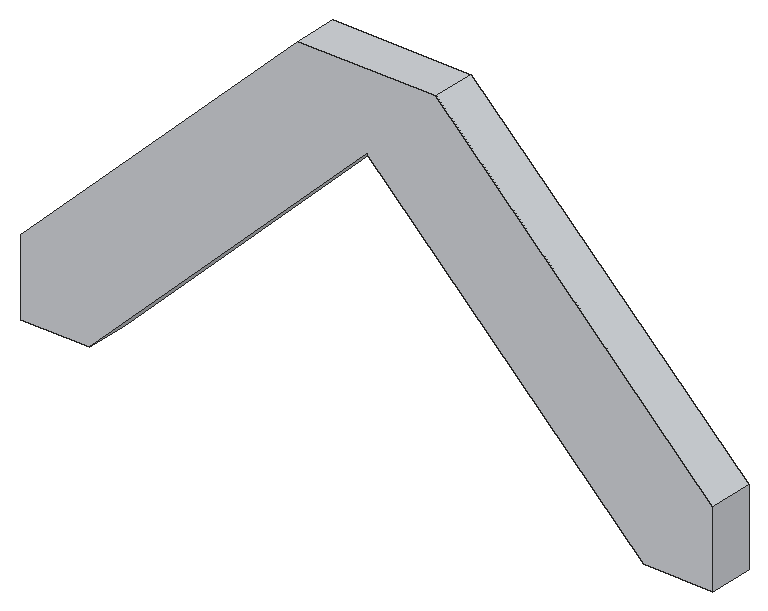
Revit family
Parameters (values of type "Wood Web")
  WebNum = WebArrayLength / (2 * WebHeight)  # 5
  WebMaterial = none
  WebArrayLength = 3000 mm
  Web Thickness = 38 mm
  WebHeight = 300 mm
  WebWidth = WebArrayLength / WebNum  # 600 mm
  Assembly Code = ""
Reference planes
  plane 1 "Center (Front/Back)": y = -173.038
  plane 2: z = 0
  plane 3 "Center (Left/Right)": x = 0
  plane 4: x = 600
  plane 5: x = 300
  plane 6: z = -150
  plane 7: z = -143.65
  plane 8: z = 143.65
  plane 9: z = 150
  plane 10: y = -154.038
  plane 11: y = -192.038
Forms (mm)
  Extrusion 1, solid, material <- "WebMaterial"
    sketch origin (0, -173.038, 0) x (1, 0, 0) y (0, 0, 1)
      loop
        line (0, -84.26) -> (0, -150) -> (59.954, -150) -> (300, 84.26) -> (540.046, -150) -> (600, -150) -> (600, -84.26) -> (359.954, 150) -> (240.046, 150) -> (0, -84.26)
    from -19 to 19
Lines and regions (mm)
  model lines, style "InvisibleLines"
    curve 1: line (0, -173.038, -150) -> (0, -173.038, 150)
    curve 2: line (0, -173.038, 150) -> (600, -173.038, 150)
    curve 3: line (600, -173.038, 150) -> (600, -173.038, -150)
    curve 4: line (600, -173.038, -150) -> (0, -173.038, -150)
  model lines, style "StructuralFraming", detail levels medium
    curve 5: line (296.825, -173.038, 143.65) -> (303.175, -173.038, 143.65)
    curve 6: line (0, -173.038, -143.65) -> (3.175, -173.038, -143.65)
    curve 7: line (600, -173.038, -143.65) -> (596.825, -173.038, -143.65)
    curve 8: line (3.175, -173.038, -143.65) -> (296.825, -173.038, 143.65)
    curve 9: line (303.175, -173.038, 143.65) -> (596.825, -173.038, -143.65)
Dimensions and locks
  "WebWidth": plane 4 to plane 3 "Center (Left/Right)"
  plane 4 to plane 5 to plane 3 "Center (Left/Right)" = 300 mm, 300 mm
  plane 7 to plane 6 = 6.35 mm
  curve 5 to plane 5 to curve 5 = 3.175 mm, 3.175 mm
  curve 6 to plane 3 "Center (Left/Right)" = 3.175 mm
  curve 7 to plane 4 = 3.175 mm
  plane 9 to plane 8 = 6.35 mm
  "WebHeight": plane 9 to plane 6
  plane 9 to plane 2 to plane 6 = 150 mm, 150 mm
  plane 10 to plane 1 "Center (Front/Back)" to plane 11 = 19 mm, 19 mm
  "Web Thickness": plane 10 to plane 11
  aligned: plane 8 to curve 5
  aligned: curve 7 to plane 7
  aligned: plane 7 to curve 6
  aligned: plane 9 to curve 2
  aligned: Extrusion 1 sketch curve to curve 4
  aligned: curve 2 to Extrusion 1 sketch curve
  aligned: curve 4 to Extrusion 1 sketch curve
  aligned: plane 4 to Extrusion 1 sketch curve
  aligned: plane 3 "Center (Left/Right)" to Extrusion 1 sketch curve
  aligned: plane 10 to Extrusion 1
  aligned: Extrusion 1 to plane 11
Automatic sketch dimensions
  curve 1 to plane 3 "Center (Left/Right)" = 0 mm
  curve 3 to plane 4 = 0 mm
  curve 4 to plane 6 = 0 mm
  Extrusion 1 sketch curve to plane 5 = 0 mm
  plane 3 "Center (Left/Right)" to Extrusion 1 sketch curve = 59.954 mm
  plane 5 to Extrusion 1 sketch curve = 59.954 mm
  Extrusion 1 sketch curve to plane 5 = 59.954 mm
  Extrusion 1 sketch curve to plane 7 = 59.39 mm  (x2)
  plane 8 to Extrusion 1 sketch curve = 59.39 mm
  plane 4 to Extrusion 1 sketch curve = 59.954 mm
